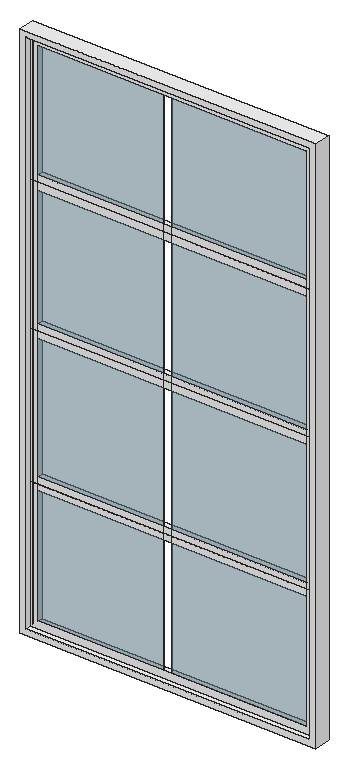
Revit family
Parameters (values of type "18 X 33")
  Assembly Code = ""
  Cost = 0
  Top Rail = 50 mm
  Stile = 50 mm
  Shutter = 합성수지
  Panel = Glass (2)
  Height = 3300 mm
  Frame Width = 50 mm
  Frame Depth = 100 mm
  Frame = 합성수지
  Default Sill Height = 0 mm
  Wall Closure = (empty or 0)
  Width = 1800 mm
  Bottom Rail = 50 mm
Reference planes
  plane 1: y = 5
  plane 2 "Center (Left/Right)": x = 0
  plane 3 "Left": x = -900
  plane 4 "Right": x = 900
  plane 5 "Sill": z = 0
  plane 6 "Head": z = 3300
  plane 7 "Exterior": y = 80
  plane 8 "Interior": y = -70
  plane 9: x = -850
  plane 10: x = 850
  plane 11: y = 55
  plane 12: y = -45
  plane 13: z = 3250
  plane 14: z = 50
  plane 15: x = -800
  plane 16: x = 800
  plane 17: z = 3200
  plane 18: z = 100
  plane 19: x = -50
  plane 20: x = 50
  plane 21: z = 1650
Forms (mm)
  Sweep 1, solid, material "합성수지" <- "Frame"
    path origin (0, 5.744, -44.994) x (1, 0, 0) y (0, 0, 1)
      loop
        line (-745, 200) -> (745, 200) -> (745, 3190) -> (-745, 3190) -> (-745, 200)
    profile origin (0, 0, 1650.006) x (-1, 0, 0) y (0, -1, 0)
      loop
        line (900, 43.66) -> (865, 43.66) -> (865, 8.66) -> (850, 8.66) -> (850, -56.34) -> (900, -56.34) -> (900, 43.66)
  Extrusion 2, solid, material "Glass (2)" <- "Panel"
    sketch origin (0, 0, 100) x (0, -1, 0) y (-1, 0, 0)
      loop
        line (5.5, 50) -> (9.5, 50) -> (9.5, 821.61) -> (5.5, 821.61) -> (5.5, 50)
      loop
        line (5.5, 0) -> (5.5, -822.193) -> (9.5, -822.193) -> (9.5, 0) -> (5.5, 0)
    from 25.442 to -3120.626
  Extrusion 3, solid, material "합성수지" <- "Shutter"
    sketch origin (755, -10, 0) x (1, 0, 0) y (0, 0, 1)
      loop
        line (110, 35.006) -> (110, 827.852) -> (-1620, 827.852) -> (-1620, 35.006) -> (110, 35.006)
      loop
        line (-1576.61, 792.093) -> (-1576.61, 74.558) -> (67.193, 74.558) -> (67.193, 792.093) -> (-1576.61, 792.093)
    from 0 to -35
  Extrusion 4, solid, material "합성수지" <- "Shutter"
    sketch origin (755, -10, 812.842) x (1, 0, 0) y (0, 0, 1)
      loop
        line (110, 15.009) -> (110, 847.848) -> (-1620, 847.848) -> (-1620, 15.009) -> (110, 15.009)
      loop
        line (-1576.61, 808.382) -> (-1576.61, 50.769) -> (67.193, 50.769) -> (67.193, 808.382) -> (-1576.61, 808.382)
    from 0 to -35
  Extrusion 5, solid, material "합성수지" <- "Shutter"
    sketch origin (755, -10, 1625.685) x (1, 0, 0) y (0, 0, 1)
      loop
        line (110, 35.006) -> (110, 847.848) -> (-1620, 847.848) -> (-1620, 35.006) -> (110, 35.006)
      loop
        line (-1576.61, 805.99) -> (-1576.61, 74.047) -> (67.193, 74.047) -> (67.193, 805.99) -> (-1576.61, 805.99)
    from 0 to -35
  Extrusion 6, solid, material "합성수지" <- "Shutter"
    sketch origin (755, -10, 2438.527) x (1, 0, 0) y (0, 0, 1)
      loop
        line (110, 35.006) -> (110, 826.478) -> (-1620, 826.478) -> (-1620, 35.006) -> (110, 35.006)
      loop
        line (-1576.61, 782.098) -> (-1576.61, 76.193) -> (67.193, 76.193) -> (67.193, 782.098) -> (-1576.61, 782.098)
    from 0 to -35
Lines and regions (mm)
  Opening 1
    outline origin (3500, -70, 0) x (1, 0, 0) y (0, 0, 1)
      loop
        line (-2600, 0) -> (-2600, 3300) -> (-4400, 3300) -> (-4400, 0) -> (-2600, 0)
  symbolic lines, style "WindowsFrameMullionProjection", detail levels medium+fine
    curve 1: line (-900, 56.34, 0) -> (-865, 56.34, 0)
    curve 2: line (-865, -14.405, 0) -> (-865, -45, 0)
    curve 3: line (-900, -45, 0) -> (-865, -45, 0)
    curve 4: line (900, 56.34, 0) -> (850, 56.34, 0)
    curve 5: line (850, -8.66, 0) -> (865, -8.66, 0)
    curve 6: line (865, -8.66, 0) -> (865, -43.66, 0)
    curve 7: line (865, -43.66, 0) -> (900, -43.66, 0)
    curve 8: line (900, -43.66, 0) -> (900, 56.34, 0)
    curve 10: line (-900, 56.34, 0) -> (-900, -45, 0)
  symbolic lines, style "Plan Swing"
    curve 9: line (-865, -45, 0) -> (865, -43.66, 0)
  symbolic lines, style "WindowsFrameMullionProjection", detail levels coarse
    curve 11: line (-865, -45, 0) -> (-900, -45, 0)
    curve 12: line (-865, 56.34, 0) -> (-865, -45, 0)
    curve 13: line (-900, 56.34, 0) -> (-850, 56.34, 0)
    curve 14: line (-900, -45, 0) -> (-900, 56.34, 0)
    curve 15: line (865, -43.66, 0) -> (900, -43.66, 0)
    curve 16: line (865, 56.34, 0) -> (865, -43.66, 0)
    curve 17: line (900, 56.34, 0) -> (865, 56.34, 0)
    curve 18: line (900, -43.66, 0) -> (900, 56.34, 0)
    curve 32: line (-850, 56.34, 0) -> (-850, -8.66, 0)
    curve 33: line (-850, -8.66, 0) -> (-865, -8.66, 0)
    curve 34: line (850, 56.34, 0) -> (850, -8.66, 0)
  symbolic lines, style "Elevation Swing Coarse", detail levels coarse
    curve 19: line (850, 0, 1650) -> (0, 0, 2050)
    curve 20: line (850, 0, 1650) -> (0, 0, 1140)
    curve 21: line (0, 0, 2050) -> (-850, 0, 1650)
    curve 22: line (0, 0, 1140) -> (-850, 0, 1650)
  symbolic lines, style "Plan Swing", detail levels coarse
    curve 23: line (-865, -8.66, 0) -> (865, -8.66, 0)
  symbolic lines, style "Elevation Swing Medium", detail levels medium
    curve 24: line (850, 0, 1650) -> (0, 0, 2050)
    curve 25: line (850, 0, 1650) -> (0, 0, 1140)
    curve 26: line (0, 0, 2050) -> (-850, 0, 1650)
    curve 27: line (0, 0, 1140) -> (-850, 0, 1650)
  symbolic lines, style "Elevation Swing Fine", detail levels fine
    curve 28: line (850, 0, 1650) -> (0, 0, 2050)
    curve 29: line (850, 0, 1650) -> (0, 0, 1140)
    curve 30: line (0, 0, 2050) -> (-850, 0, 1650)
    curve 31: line (0, 0, 1140) -> (-850, 0, 1650)
Text (mm)
  text "EXTERIOR" at (-1963.203, 1332.353, 0), in view "Ref. Level"
  text "INTERIOR" at (-1981.466, -818.386, 0), in view "Ref. Level"
  text "Exterior" at (0, 923.751, 2943.296), in view "Right"
  text "Exterior" at (0, 1040.484, 2685.409), in view "Left"
Dimensions and locks
  equal spacing: plane 3 "Left", plane 2 "Center (Left/Right)", plane 4 "Right"
  "Width": plane 3 "Left" to plane 4 "Right"
  "Height": plane 5 "Sill" to plane 6 "Head"
  "Default Sill Height": plane 5 "Sill" to level
  locked: plane 7 "Exterior" to host wall at 0
  locked: plane 8 "Interior" to host wall
  locked: Sweep 1 sketch curve to Sweep 1 sketch curve at 15
  locked: Sweep 1 sketch curve to Sweep 1 sketch curve at 35
  "Frame Width": plane 3 "Left" to plane 9
  "Frame Width": plane 10 to plane 4 "Right"
  "Frame Depth": plane 12 to plane 11
  "Frame Width": plane 6 "Head" to plane 13
  "Frame Width": plane 14 to plane 5 "Sill"
  "Stile": plane 15 to plane 9
  "Stile": plane 10 to plane 16
  "Stile": plane 2 "Center (Left/Right)" to plane 19
  "Stile": plane 20 to plane 2 "Center (Left/Right)"
  "Top Rail": plane 13 to plane 17
  "Bottom Rail": plane 18 to plane 14
  equal spacing: plane 6 "Head", plane 21, plane 5 "Sill"
  equal spacing: plane 8 "Interior", plane 1, plane 7 "Exterior"
  aligned and locked: Sweep 1 sketch curve to plane 3 "Left"
  aligned and locked: plane 9 to Sweep 1 sketch curve
  aligned and locked: curve 1 to Sweep 1  (x2)
  aligned and locked: Sweep 1 to curve 3
  aligned and locked: Sweep 1 to curve 4
  aligned and locked: Sweep 1 to curve 5
  aligned and locked: Sweep 1 to curve 6
  aligned and locked: curve 10 to curve 3
  aligned and locked: curve 18 to Sweep 1  (x2)
  aligned and locked: curve 23 to Sweep 1
  aligned: Extrusion 2 to Extrusion 3
  aligned: Extrusion 2 to Extrusion 6
Automatic sketch dimensions
  curve 10 to plane 3 "Left" = 0 mm
  curve 12 to plane 12 = 0 mm
  curve 13 to plane 9 = 0 mm
  curve 5 to plane 10 = 0 mm
  curve 4 to plane 10 = 0 mm
  curve 12 to plane 9 = 15 mm
  plane 10 to curve 23 = 15 mm
  curve 2 to curve 23 = 5.744 mm
  curve 10 to curve 1 = 0 mm
  curve 26 to plane 2 "Center (Left/Right)" = 0 mm
  curve 21 to plane 9 = 0 mm
  curve 21 to plane 21 = 0 mm
  curve 24 to plane 10 = 0 mm
  curve 24 to plane 21 = 0 mm
  curve 29 to plane 2 "Center (Left/Right)" = 0 mm
  curve 30 to plane 21 = 400 mm
  plane 21 to curve 29 = 510 mm
  Opening 1 sketch curve to level = 0 mm
  Opening 1 sketch curve to plane 3 "Left" = 0 mm
  Opening 1 sketch curve to plane 4 "Right" = 0 mm
  Opening 1 sketch curve to plane 6 "Head" = 0 mm
  plane 15 to Sweep 1 sketch curve = 55 mm
  Sweep 1 sketch curve to plane 16 = 55 mm
  Sweep 1 sketch curve to plane 18 = 55.006 mm
  plane 17 to Sweep 1 sketch curve = 54.994 mm
  Sweep 1 sketch curve to Sweep 1 sketch curve = 65 mm
  Extrusion 2 sketch curve to plane 2 "Center (Left/Right)" = 0 mm
  Extrusion 2 sketch curve to plane 19 = 0 mm
  plane 9 to Extrusion 2 sketch curve = 28.39 mm
  host wall to Extrusion 2 sketch curve = 10.5 mm
  host wall to Extrusion 2 sketch curve = 14.5 mm
  Extrusion 2 sketch curve to plane 12 = 39.5 mm
  Extrusion 2 sketch curve to Extrusion 2 sketch curve = 4 mm
  plane 16 to Extrusion 2 sketch curve = 22.193 mm
  Extrusion 3 sketch curve to plane 9 = 15 mm
  plane 18 to Extrusion 3 sketch curve = 25.442 mm
  plane 16 to Extrusion 3 sketch curve = 22.193 mm
  Extrusion 3 sketch curve to plane 15 = 21.61 mm
  plane 10 to Extrusion 3 sketch curve = 15 mm
  plane 14 to Extrusion 3 sketch curve = 14.994 mm
  Extrusion 3 sketch curve to Extrusion 3 sketch curve = 717.534 mm
  Extrusion 3 sketch curve to Extrusion 3 sketch curve = 35.759 mm
  curve 33 to plane 9 = 0 mm
  curve 34 to plane 10 = 0 mm
  curve 33 to plane 9 = 15 mm
  host wall to curve 32 = 13.66 mm
  host wall to curve 34 = 13.66 mm
  curve 34 to plane 11 = 1.34 mm
  curve 32 to plane 11 = 1.34 mm
  Extrusion 4 sketch curve to plane 9 = 15 mm
  plane 16 to Extrusion 4 sketch curve = 22.193 mm
  Extrusion 4 sketch curve to plane 15 = 21.61 mm
  plane 10 to Extrusion 4 sketch curve = 15 mm
  Extrusion 4 sketch curve to plane 18 = 727.852 mm
  Extrusion 4 sketch curve to Extrusion 4 sketch curve = 35.759 mm
  plane 21 to Extrusion 4 sketch curve = 28.776 mm
  Extrusion 4 sketch curve to plane 21 = 10.69 mm
  Extrusion 5 sketch curve to plane 9 = 15 mm
  plane 16 to Extrusion 5 sketch curve = 22.193 mm
  Extrusion 5 sketch curve to plane 15 = 21.61 mm
  plane 10 to Extrusion 5 sketch curve = 15 mm
  Extrusion 5 sketch curve to plane 21 = 10.69 mm
  Extrusion 5 sketch curve to plane 21 = 49.732 mm
  Extrusion 5 sketch curve to Extrusion 5 sketch curve = 731.943 mm
  Extrusion 5 sketch curve to Extrusion 5 sketch curve = 41.858 mm
  Extrusion 6 sketch curve to plane 9 = 15 mm
  plane 16 to Extrusion 6 sketch curve = 22.193 mm
  Extrusion 6 sketch curve to plane 15 = 21.61 mm
  plane 10 to Extrusion 6 sketch curve = 15 mm
  plane 17 to Extrusion 6 sketch curve = 726.467 mm
  Extrusion 6 sketch curve to Extrusion 6 sketch curve = 41.188 mm
  plane 13 to Extrusion 6 sketch curve = 29.374 mm
  plane 6 "Head" to Extrusion 6 sketch curve = 34.994 mm
